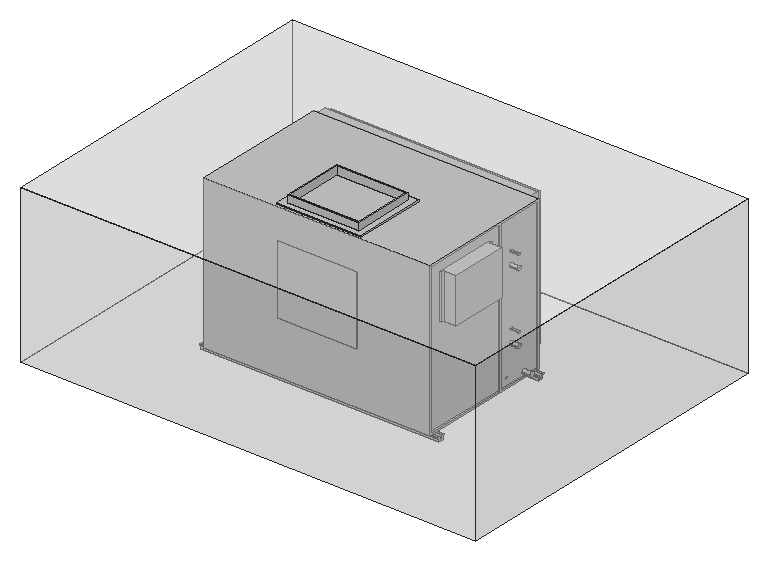
Revit family "outputfile", category 機械設備, Revit 2024
Family settings
  丸型コネクタ寸法 = 半径を使用
  パーツ タイプ = 標準
  OmniClass 番号 = 23.75.10.24.21.27.27
  OmniClass タイトル = Split System Air Conditioning Units
  作業面ベース = いいえ
  常に垂直 = はい
  ロード時にボイドで切り取り = いいえ
  注釈の向きを維持 = いいえ
  共有 = いいえ
  部屋計算ポイント = はい
Parameters (values of type "2FGN250HYL")
  Description = ""
  書き出し IFC クラス(タイプ) = "IfcUnitaryEquipmentType"
  定義済み IFC タイプ(タイプ) = "AIRCONDITIONINGUNIT"
  Cost = 0
  Type Comments = ""
  Keynote = ""
  Type Image = (empty or 0)
  Assembly Code = ""
  switch_frequency = yes
  lw_power = 930 mm
  lw_box = 97 mm
  lw_RA = 853 mm
  lh_liquidpipe_2 = 974 mm
  lh_height_SA = 482 mm
  lh_ld_mountinghole_height = 35 mm
  lh_height_RA = 1073 mm
  lh_hangerfixture = 35 mm
  lh_gaspipe_2 = 874 mm
  lh_box_top = 95 mm
  lh_box = 351 mm
  lh_SA = 1291 mm
  lh_RA = 659.5 mm
  ld_depth_SA = 301 mm
  ld_depth_RA = 130 mm
  ld_box_left = 115 mm
  ld_box = 490 mm
  connector_voltage = Voltage_60Hz  # 380 V
  connector_powerinput = [Power Input (Cooling)]  # 25.710 kW
  connector_phase = Phase_60Hz  # 3
  製造元 = "Daikin"
  モデル = "2FGN250HYL"
  w_pipe = 33 mm
  r_Liquid Pipe Size = Liquid Pipe Size / 2  # 6.35 mm
  r_Gas Pipe Size = Gas Pipe Size / 2  # 14.3 mm
  r_Drain Pipe Size = Drain Pipe Size / 2  # 17.0 mm
  lw_powersupply = lw_power  # 930 mm
  lw_width_RA = 1636 mm
  lw_width_SA = 560 mm
  lh_suctionflange [instance] = 100 mm
  ld_suctionflange [instance] = 190 mm
  ld_powersupply = 0 mm
  angle_vertical_RA [instance] = 90.00°
  angle horizontal_RA [instance] = 180.00°
  Voltage_comment_60Hz = "380"
  Voltage_60Hz = 380 V
  URL = ""
  Sound Power Level_H speed (dB) = 0
  Phase_60Hz = 3
  Minimum External Static Pressure = 0.00 Pa
  Minimum Circuit Amps_60Hz = 0.0 A
  Maximum Fuse Amps_60Hz = 0.0 A
  Maximum External Static Pressure = 200.00 Pa
  Material_Casing = DAIKIN_GalvanizedSteel_Casing_indoorunit
  lw_liquidpipe = 933 mm
  lw_gaspipe = 933 mm
  lw_mountinghole_pitch = 1826 mm
  lw_mountinghole = 1866 mm
  lw_drainpipe = 933 mm
  lh_powersupply = 785 mm
  lh_liquidpipe = 428 mm
  lh_gaspipe = 328 mm
  lh_mountinghole = 5 mm
  lh_drainpipe = 73 mm
  lh_antena = 1227 mm
  ld_liquidpipe = 280.5 mm
  ld_gaspipe = 280.5 mm
  ld_mountinghole_pitch = 974 mm
  ld_drainpipe = 405.5 mm
  ld_controlbox = 626 mm
  h*** = 0 mm  # constant formula
  d_dischargeflange = 60 mm
  Width = 1766 mm
  Version = "ver.1.0"
  Unit Type = "Duct"
  Unit Mass Weight = 323.00 kg
  Unit Designation [instance] = ""
  Uniclass2015Version = "Products v1.30"
  Uniclass2015Title = "Split coil room air conditioning units"
  Uniclass2015Code = "Pr_70_65_03_86"
  Total Cooling Capacity [instance] = 0.000 kW
  Sound Pressure Level_M speed (dBA) = 0
  Sound Pressure Level_L speed (dBA) = 0
  Sound Pressure Level_H speed (dBA) = 63
  Series = "Package Aircon_Fan Coil Unit"
  Sensible Cooling Capacity [instance] = 0.000 kW
  SA Duct Size Width = 560 mm
  SA Duct Size Height = 482 mm
  Refrigerant Type = "R410A"
  RA Duct Size Width = 1636 mm
  RA Duct Size Height = 1073 mm
  Power Input (Cooling) = 25.710 kW
  Option Accessory 3 [instance] = ""
  Option Accessory 2 [instance] = ""
  Option Accessory 1 [instance] = ""
  Nominal Cooling Capacity = 70.926 kW
  Minimum Airflow = 0.00 m³/h
  Median Airflow = 0.00 m³/h
  Maximum Airflow = 12743.00 m³/h
  Load Classification = HVAC
  Liquid Pipe Size = 12.7 mm
  Link_Nested Family [instance] = ""
  IfcVersion = ""
  IfcExportType = "AIRCONDITIONINGUNIT"
  IfcExportAs = "IfcUnitaryEquipmentType"
  Height = 1231 mm
  Heat Exchanger Type = "Cross Fin Coil"
  Gas Pipe Size = 28.6 mm
  Frequency_60Hz = 60 Hz
  Fan Type = "Sirocco Fan"
  Fan Drive = "-"
  FCU Tag No. [instance] = ""
  Drain Pipe Size = 34.0 mm
  Design Supply Airflow [instance] = 0.00 m³/h
  Design Return Airflow [instance] = 0.00 m³/h
  Design External Static Pressure [instance] = 0.00 Pa
  Depth = 1069 mm
  既定の高さ = 0 mm
  Cooling Entering Wet Bulb Temperature [instance] = 0.00 °C
  Cooling Entering Dry Bulb Temperature [instance] = 0.00 °C
  Cooling Ambient Wet Bulb Temperature [instance] = 0.00 °C
  Cooling Ambient Dry Bulb Temperature [instance] = 0.00 °C
  Clearance visibility [instance] = yes
  Clearance Top = 0 mm
  Clearance Right = 1000 mm
  Clearance Rear = 800 mm
  Clearance Left = 800 mm
  Clearance Front = 800 mm
  Clearance Bottom = 0 mm
Reference planes
  plane 1 "Center (Front/Back)": y = 0
  plane 2: z = 0
  plane 3 "Center (Left/Right)": x = 0
  plane 4 "Back": y = 534.5
  plane 5 "Front": y = -534.5
  plane 6 "Left": x = -883
  plane 7 "Right": x = 883
  plane 8 "Top": z = 0
  plane 9 "Bottom": z = -1231
  plane 10: z = -803
  plane 11: z = -903
  plane 12: x = -913
  plane 13: x = 913
  plane 14: x = 933
  plane 15: x = 933
  plane 16: z = -1226
  plane 17 "Clearance Left": x = -1683
  plane 18 "Clearance Right": x = 1883
  plane 19 "Clearance Rear": y = 1334.5
  plane 20 "Clearance Front": y = -1334.5
  plane 21 "Clearance Bottom": z = -1231
  plane 22: z = -1158
  plane 23 "ld_gas": y = 280.5
  plane 24: y = 280.5
  plane 25: y = -30
  plane 26: y = 405.5
  plane 27: y = 344.5
  plane 28: x = 933
  plane 29: y = 487
  plane 30: y = -487
  plane 31: y = -233.5
  plane 32: y = 664.5
  plane 33 "Clearance Top": z = 0
  plane 34: z = -446
  plane 35: y = 0
  plane 36 "hangerfixture": z = -1196
  plane 37 "lh_SA": z = 60
  plane 38 "lh_RA": z = -571.5
  plane 39 "RA_center": x = -30
  plane 40: y = -524.5
  plane 41: y = 155.5
  plane 42: y = 524.5
  plane 43: z = -10
  plane 44: z = -1186
  plane 45: y = 165.5
  plane 46: y = -524.5
  plane 47: y = 155.5
  plane 48: y = 524.5
  plane 49: z = -10
  plane 50: z = -1186
  plane 51: y = 165.5
  plane 52: x = 883
  plane 53: x = 980
  plane 54: y = -419.5
  plane 55: y = -399.5
  plane 56: y = 50.5
  plane 57: y = 70.5
  plane 58 "box_bottom": z = -446
  plane 59 "box_top": z = -95
  plane 60: x = -310
  plane 61: x = 310
  plane 62: y = -534.5
  plane 63: y = -524.5
  plane 64 "lw_power": x = 930
  plane 65: z = -257
  plane 66: z = -357
Forms (mm)
  Extrusion 1, solid, material "DAIKIN_GalvanizedSteel_Casing_indoorunit" <- "Material_Casing"
    sketch origin (0, -0.8, 0) x (1, 0, 0) y (0, 1, 0)
      loop
        line (-883, -533.7) -> (883, -533.7) -> (883, 535.3) -> (-883, 535.3) -> (-883, -533.7)
    from -1196 to 0
  Revolve 2, solid, material "DAIKIN_GalvanizedSteel_Casing_indoorunit" <- "Material_Casing"
    sketch origin (0, 0, -903) x (0, -1, 0) y (1, 0, 0)
      loop
        line (-266.2, 863) -> (-266.2, 933) -> (-280.5, 933) -> (-280.5, 863) -> (-266.2, 863)
      axis (-280.5, 863) -> (-280.5, 933)
    angle from 0 to 360
  Revolve 3, solid, material "DAIKIN_GalvanizedSteel_Casing_indoorunit" <- "Material_Casing"
    sketch origin (0, 0, -803) x (0, -1, 0) y (1, 0, 0)
      loop
        line (-280.5, 863) -> (-280.5, 933) -> (-286.85, 933) -> (-286.85, 863) -> (-280.5, 863)
      axis (-280.5, 933) -> (-280.5, 863)
    angle from 0 to 360
  Extrusion 4, solid, material "DAIKIN_GalvanizedSteel_Casing_indoorunit" <- "Material_Casing"
    sketch origin (0, 0, 0) x (0, 1, 0) y (0, 0, 1)
      loop
        circle (405.5, -1158) r 17
    from 933 to 863
  Extrusion 5, void
    sketch origin (883, 0, 0) x (0, 1, 0) y (0, 0, 1)
      loop
        line (-524.5, -10) -> (-524.5, -1186) -> (155.5, -1186) -> (155.5, -10) -> (-524.5, -10)
      loop
        line (524.5, -10) -> (165.5, -10) -> (165.5, -1186) -> (524.5, -1186) -> (524.5, -10)
    from 0 to -20
  Extrusion 6, void
    sketch origin (-883, 0, 0) x (0, 1, 0) y (0, 0, 1)
      loop
        line (-524.5, -10) -> (-524.5, -1186) -> (155.5, -1186) -> (155.5, -10) -> (-524.5, -10)
      loop
        line (524.5, -10) -> (165.5, -10) -> (165.5, -1186) -> (524.5, -1186) -> (524.5, -10)
    from 0 to 20
  Extrusion 7, solid, material "DAIKIN_GalvanizedSteel_Casing_indoorunit" <- "Material_Casing"
    sketch origin (0, 0, 0) x (1, 0, 0) y (0, 1, 0)
      loop
        line (863, -419.5) -> (883, -419.5) -> (883, -399.5) -> (980, -399.5) -> (980, 50.5) -> (883, 50.5) -> (883, 70.5) -> (863, 70.5) -> (863, -419.5)
    from -446 to -95
  Extrusion 8, solid, material "DAIKIN_GalvanizedSteel_Casing_indoorunit" <- "Material_Casing"
    sketch origin (0, 0, -1231) x (-1, 0, 0) y (0, -1, 0)
      loop
        line (310, 524.5) -> (310, 534.5) -> (-310, 534.5) -> (-310, 524.5) -> (310, 524.5)
    from 444 to 986
  Revolve 9, solid, material "DAIKIN_GalvanizedSteel_Casing_indoorunit" <- "Material_Casing"
    sketch origin (0, 0, -357) x (0, -1, 0) y (1, 0, 0)
      loop
        line (-266.2, 863) -> (-266.2, 933) -> (-280.5, 933) -> (-280.5, 863) -> (-266.2, 863)
      axis (-280.5, 863) -> (-280.5, 933)
    angle from 0 to 360
  Revolve 10, solid, material "DAIKIN_GalvanizedSteel_Casing_indoorunit" <- "Material_Casing"
    sketch origin (0, 0, -257) x (0, -1, 0) y (1, 0, 0)
      loop
        line (-280.5, 863) -> (-280.5, 933) -> (-286.85, 933) -> (-286.85, 863) -> (-280.5, 863)
      axis (-280.5, 933) -> (-280.5, 863)
    angle from 0 to 360
  Extrusion 11, void
    sketch origin (883, 0, 0) x (0, 1, 0) y (0, 0, 1)
      loop
        circle (240, -1132) r 13.5
    from -21 to 0
Cuts and joins
  Extrusion 5, Extrusion 6, Extrusion 11 cuts Extrusion 1
  Extrusion 6 cuts Revolve 2
  Extrusion 6 cuts Revolve 3
  Extrusion 6 cuts Extrusion 4
Dimensions and locks
  equal spacing: plane 12, plane 3 "Center (Left/Right)", plane 13
  "lw_mountinghole_pitch": plane 12 to plane 13
  "lh_liquidpipe": plane 10 to plane 9 "Bottom"
  "lh_gaspipe": plane 11 to plane 9 "Bottom"
  equal spacing: plane 6 "Left", plane 3 "Center (Left/Right)", plane 7 "Right"
  "Width": plane 6 "Left" to plane 7 "Right"
  "Clearance Right": plane 7 "Right" to plane 18 "Clearance Right"
  "Clearance Left": plane 17 "Clearance Left" to plane 6 "Left"
  "Clearance Rear": plane 19 "Clearance Rear" to plane 4 "Back"
  "Clearance Front": plane 5 "Front" to plane 20 "Clearance Front"
  "Depth": plane 4 "Back" to plane 5 "Front"
  equal spacing: plane 4 "Back", plane 1 "Center (Front/Back)", plane 5 "Front"
  "ld_suctionflange": plane 4 "Back" to plane 27
  "r_Liquid Pipe Size": nested 5 to Revolve 3 sketch curve
  equal spacing: plane 29, plane 1 "Center (Front/Back)", plane 30
  "ld_mountinghole_pitch": plane 29 to plane 30
  "lw_liquidpipe": plane 3 "Center (Left/Right)" to plane 14
  "lw_gaspipe": plane 3 "Center (Left/Right)" to plane 15
  "lw_drainpipe": plane 3 "Center (Left/Right)" to plane 28
  "lh_drainpipe": plane 22 to plane 9 "Bottom"
  "Clearance Top": plane 33 "Clearance Top" to plane 8 "Top"
  "Clearance Bottom": plane 9 "Bottom" to plane 21 "Clearance Bottom"
  "lh_powersupply": plane 34 to plane 9 "Bottom"
  plane 8 "Top" to level = 0 mm
  "lh_hangerfixture": plane 36 "hangerfixture" to plane 9 "Bottom"
  "lh_SA": plane 37 "lh_SA" to plane 9 "Bottom"
  "ld_depth_RA": plane 32 to plane 4 "Back"
  "lh_RA": plane 38 "lh_RA" to plane 9 "Bottom"
  "lw_RA": plane 6 "Left" to plane 39 "RA_center"
  locked: plane 36 "hangerfixture" to plane 44 at 10
  plane 5 "Front" to plane 40 = 10 mm
  locked: plane 8 "Top" to plane 43 at 10
  plane 42 to plane 4 "Back" = 10 mm
  plane 40 to plane 41 = 680 mm
  locked: plane 45 to plane 42 at 359
  locked: plane 46 to plane 47 at 680
  locked: plane 51 to plane 48 at 359
  plane 5 "Front" to plane 46 = 10 mm
  plane 48 to plane 4 "Back" = 10 mm
  locked: plane 8 "Top" to plane 49 at 10
  locked: plane 50 to plane 36 "hangerfixture" at 10
  "ld_box_left": plane 54 to plane 5 "Front"
  "ld_box": plane 57 to plane 54
  locked: plane 55 to plane 54 at 20
  locked: plane 57 to plane 56 at 20
  cut or joined group of Extrusion 1, Extrusion 5, Extrusion 6, Extrusion 11 to plane 52 = 20 mm
  "lw_box": plane 7 "Right" to plane 53
  "lh_box_top": plane 8 "Top" to plane 59 "box_top"
  "lh_box": plane 59 "box_top" to plane 58 "box_bottom"
  plane 60 to plane 3 "Center (Left/Right)" to plane 61 = 310 mm locked, 310 mm locked
  "lw_power": plane 3 "Center (Left/Right)" to plane 64 "lw_power"
  "lh_gaspipe_2": plane 66 to plane 9 "Bottom"
  "lh_liquidpipe_2": plane 65 to plane 9 "Bottom"
  "ld_powersupply": plane 35 to plane 1 "Center (Front/Back)"
  "ld_drainpipe": plane 26 to plane 1 "Center (Front/Back)"
  "ld_gaspipe": plane 23 "ld_gas" to plane 1 "Center (Front/Back)"
  "r_Gas Pipe Size": plane 23 "ld_gas" to Revolve 9 sketch curve
  "r_Gas Pipe Size": plane 23 "ld_gas" to Revolve 2 sketch curve
  "r_Liquid Pipe Size": Revolve 10 sketch curve to plane 24
  "ld_liquidpipe": plane 24 to plane 1 "Center (Front/Back)"
  "ld_depth_SA": plane 31 to plane 5 "Front"
  locked: plane 62 to plane 5 "Front"
  locked: plane 63 to plane 62 at 10
  plane 1 "Center (Front/Back)" to Extrusion 11 sketch curve = 240 mm
  Extrusion 11 sketch curve to plane 9 "Bottom" = 99 mm
  "Height": plane 8 "Top" to plane 9 "Bottom"
  "lh_mountinghole": plane 16 to plane 9 "Bottom"
  "r_Drain Pipe Size": radius of Extrusion 4 sketch curve
  diameter of Extrusion 11 sketch curve = 27 mm
  aligned and locked: level to plane 2
  aligned and locked: plane 8 "Top" to Extrusion 1
  aligned and locked: Revolve 2 sketch curve to Revolve 2 sketch curve
  aligned and locked: plane 14 to nested 5
  aligned and locked: nested 5 to plane 10
  aligned and locked: plane 13 to nested 2
  aligned and locked: plane 12 to nested 3
  aligned and locked: plane 12 to nested 4
  aligned and locked: nested 6 to plane 11
  aligned and locked: plane 23 "ld_gas" to nested 6
  aligned and locked: plane 24 to nested 5
  aligned and locked: Extrusion 4 sketch curve to plane 26
  aligned and locked: nested 10 to plane 19 "Clearance Rear"
  aligned and locked: nested 10 to plane 18 "Clearance Right"
  aligned and locked: nested 10 to plane 17 "Clearance Left"
  aligned and locked: nested 10 to plane 20 "Clearance Front"
  aligned and locked: plane 28 to Extrusion 4
  aligned and locked: plane 15 to nested 6  (x2)
  aligned and locked: plane 13 to nested 1
  aligned and locked: plane 26 to nested 7
  aligned and locked: nested 7 to plane 22
  aligned and locked: nested 7 to plane 28
  aligned and locked: plane 29 to nested 1
  aligned and locked: plane 30 to nested 2
  aligned and locked: nested 4 to plane 29
  aligned and locked: nested 3 to plane 30
  aligned and locked: nested 9 to plane 4 "Back"
  aligned and locked: plane 32 to nested 13
  aligned and locked: plane 3 "Center (Left/Right)" to nested 12
  aligned and locked: nested 10 to plane 33 "Clearance Top"
  aligned and locked: nested 10 to plane 21 "Clearance Bottom"
  aligned and locked: nested 11 to plane 9 "Bottom"
  aligned and locked: plane 36 "hangerfixture" to Extrusion 1
  aligned and locked: Extrusion 1 to plane 5 "Front"
  aligned and locked: Extrusion 1 to plane 4 "Back"
  aligned and locked: plane 38 "lh_RA" to nested 9
  aligned and locked: nested 13 to plane 38 "lh_RA"
  aligned and locked: plane 39 "RA_center" to nested 9
  aligned and locked: nested 13 to plane 39 "RA_center"
  aligned and locked: Extrusion 5 sketch curve to plane 43
  aligned and locked: Extrusion 5 sketch curve to plane 40
  aligned and locked: plane 44 to Extrusion 5 sketch curve
  aligned and locked: Extrusion 5 sketch curve to plane 41
  aligned and locked: plane 43 to Extrusion 5 sketch curve
  aligned and locked: Extrusion 5 sketch curve to plane 42
  aligned and locked: Extrusion 5 sketch curve to plane 44
  aligned and locked: Extrusion 5 sketch curve to plane 45
  aligned and locked: Extrusion 6 sketch curve to plane 49
  aligned and locked: Extrusion 6 sketch curve to plane 46
  aligned and locked: plane 50 to Extrusion 6 sketch curve
  aligned and locked: Extrusion 6 sketch curve to plane 47
  aligned and locked: plane 49 to Extrusion 6 sketch curve
  aligned and locked: Extrusion 6 sketch curve to plane 48
  aligned and locked: Extrusion 6 sketch curve to plane 50
  aligned and locked: Extrusion 6 sketch curve to plane 51
  aligned and locked: cut or joined group of Extrusion 1, Extrusion 5, Extrusion 6, Extrusion 11 to Extrusion 7 sketch curve
  aligned and locked: plane 57 to Extrusion 7 sketch curve
  aligned and locked: plane 53 to Extrusion 7 sketch curve
  aligned and locked: Extrusion 7 sketch curve to plane 54
  aligned and locked: plane 59 "box_top" to Extrusion 7
  aligned and locked: Extrusion 7 to plane 58 "box_bottom"
  aligned and locked: Extrusion 8 sketch curve to plane 63
  aligned and locked: Extrusion 8 sketch curve to plane 60
  aligned and locked: plane 62 to Extrusion 8 sketch curve
  aligned and locked: plane 61 to Extrusion 8 sketch curve
  aligned and locked: Revolve 9 sketch curve to Revolve 9 sketch curve
  aligned and locked: nested 15 to plane 65
  aligned and locked: nested 16 to plane 66
  aligned and locked: Revolve 10 to plane 14
  aligned and locked: plane 14 to nested 15
  aligned and locked: plane 15 to cut or joined group of Revolve 2, Extrusion 6  (x3)
  aligned and locked: cut or joined group of Revolve 2, Extrusion 6 to plane 15
  aligned and locked: nested 14 to plane 35
  aligned and locked: Revolve 2 sketch curve to plane 23 "ld_gas"
  aligned and locked: plane 23 "ld_gas" to nested 16
  aligned and locked: plane 24 to nested 15
  aligned and locked: plane 37 "lh_SA" to nested 12
  aligned and locked: plane 37 "lh_SA" to nested 8
  aligned and locked: plane 31 to nested 12
  aligned and locked: plane 31 to nested 8
  aligned and locked: cut or joined group of Extrusion 1, Extrusion 5, Extrusion 6, Extrusion 11 to cut or joined group of Extrusion 4, Extrusion 6
  aligned and locked: cut or joined group of Extrusion 1, Extrusion 5, Extrusion 6, Extrusion 11 to Revolve 10
  aligned and locked: Revolve 9 to cut or joined group of Extrusion 1, Extrusion 5, Extrusion 6, Extrusion 11
  aligned and locked: cut or joined group of Extrusion 1, Extrusion 5, Extrusion 6, Extrusion 11 to cut or joined group of Revolve 3, Extrusion 6
  aligned and locked: cut or joined group of Revolve 2, Extrusion 6 to cut or joined group of Extrusion 1, Extrusion 5, Extrusion 6, Extrusion 11
  aligned and locked: plane 52 to Extrusion 7 sketch curve
  aligned and locked: Extrusion 7 sketch curve to plane 55
  aligned and locked: Extrusion 7 sketch curve to plane 56
  aligned and locked: Extrusion 7 sketch curve to plane 52
  aligned and locked: nested 14 to plane 64 "lw_power"
  aligned and locked: nested 14 to plane 34
Automatic sketch dimensions
  Extrusion 1 sketch curve to plane 4 "Back" = 0 mm
  Extrusion 1 sketch curve to plane 6 "Left" = 0 mm
  Extrusion 1 sketch curve to plane 5 "Front" = 0 mm
  Extrusion 1 sketch curve to plane 7 "Right" = 0 mm
  Revolve 3 sketch curve to plane 23 "ld_gas" = 0 mm  (x2)
  Revolve 3 sketch curve to plane 14 = 0 mm  (x2)
  Revolve 3 sketch curve to plane 7 "Right" = 20 mm
  plane 7 "Right" to Revolve 3 sketch curve = 15 mm
  Extrusion 4 sketch curve to plane 22 = 0 mm
  Revolve 10 sketch curve to plane 23 "ld_gas" = 0 mm  (x2)
  Revolve 10 sketch curve to plane 14 = 0 mm  (x2)
  Revolve 10 sketch curve to plane 7 "Right" = 20 mm
  plane 7 "Right" to Revolve 10 sketch curve = 15 mm
  Revolve 2 sketch curve to plane 14 = 0 mm
  Revolve 2 sketch curve to plane 7 "Right" = 20 mm
  plane 7 "Right" to Revolve 2 sketch curve = 2.003 mm
  plane 14 to Revolve 2 sketch curve = 1.003 mm
  Revolve 9 sketch curve to plane 23 "ld_gas" = 0 mm
  Revolve 9 sketch curve to plane 14 = 0 mm
  Revolve 9 sketch curve to plane 7 "Right" = 20 mm
  plane 7 "Right" to Revolve 9 sketch curve = 2.003 mm
  plane 14 to Revolve 9 sketch curve = 1.003 mm
Nested families
  nested 1: "daikin_mountinghole" at (913, 487, -1231), Link_Nested Family <- "Link_Nested Family", h_mountinghole <- "lh_mountinghole", l_antenna <- "lh_antena", type "daikin_mountinghole"
    with show yes, l_antenna 1227 mm, h_mountinghole 5 mm, Link_Nested Family "", d_circle 23 mm
  nested 2: "daikin_mountinghole" at (913, -487, -1231), Link_Nested Family <- "Link_Nested Family", h_mountinghole <- "lh_mountinghole", l_antenna <- "lh_antena", type "daikin_mountinghole"
    with show yes, l_antenna 1227 mm, h_mountinghole 5 mm, Link_Nested Family "", d_circle 23 mm
  nested 3: "daikin_mountinghole" at (-913, -487, -1231), Link_Nested Family <- "Link_Nested Family", h_mountinghole <- "lh_mountinghole", l_antenna <- "lh_antena", type "daikin_mountinghole"
    with show yes, l_antenna 1227 mm, h_mountinghole 5 mm, Link_Nested Family "", d_circle 23 mm
  nested 4: "daikin_mountinghole" at (-913, 487, -1231), Link_Nested Family <- "Link_Nested Family", h_mountinghole <- "lh_mountinghole", l_antenna <- "lh_antena", type "daikin_mountinghole"
    with show yes, l_antenna 1227 mm, h_mountinghole 5 mm, Link_Nested Family "", d_circle 23 mm
  nested 5: "daikin_connector_rotate2" at (0, 280.5, -803) x (0, 1, 0) z (0, 0, 1), length <- "lw_liquidpipe", built-in parameter 1001364 <- "lh_liquidpipe", radius <- "r_Liquid Pipe Size", type "daikin_connector_rotate2"
    with radius 6.35 mm, length 933 mm, angle_vertical 90.00°
  nested 6: "daikin_connector_rotate2" at (0, 280.5, -903) x (0, 1, 0) z (0, 0, 1), length <- "lw_gaspipe", built-in parameter 1001364 <- "lh_gaspipe", radius <- "r_Gas Pipe Size", type "daikin_connector_rotate2"
    with radius 14.3 mm, length 933 mm, angle_vertical 90.00°
  nested 7: "daikin_connector_rotate2" at (0, 405.5, -1158) x (0, 1, 0) z (0, 0, 1), built-in parameter 1001364 <- "lh_drainpipe", length <- "lw_drainpipe", radius <- "r_Drain Pipe Size", type "daikin_connector_rotate2"
    with radius 17 mm, length 933 mm, angle_vertical 90.00°
  nested 8: "daikin_connector_rotate2" at (0, -233.5, 0) x (1, 0, 0) z (0, 1, 0), length <- "d_dischargeflange", type "daikin_connector_rotate2"
    with radius 10 mm, length 60 mm, angle_vertical 90.00°
  nested 9: "daikin_ductflange_2FGN-HYL" at (-30, 534.5, -571.5), material <- "Material_Casing", width <- "lw_width_RA", height <- "lh_height_RA", depth <- "ld_depth_RA", type "daikin_ductflange_2FGN-HYL"
    with width 1636 mm, material DAIKIN_GalvanizedSteel_Casing_indoorunit, height 1073 mm, depth 130 mm
  nested 10: "daikin_clearancespace" at (100, 0, -615.381), visible <- "Clearance visibility", show <- "Clearance visibility", Link_Nested Family <- "Link_Nested Family", type "daikin_clearancespace"
    with width 3566 mm, show yes, height 1231 mm, depth 2669 mm, Link_Nested Family ""
  nested 11: "daikin_hangerfixture_2FGN-HYL" at (0, 0, -1231), type "daikin_hangerfixture_2FGN-HYL"
  nested 12: "daikin_ductflange_2FGN-HYL_1" at (0, -422.901, 0) x (1, 0, 0) z (0, 1, 0), width <- "lw_width_SA", material <- "Material_Casing", height <- "lh_height_SA", depth <- "d_dischargeflange", type "daikin_ductflange_2FGN-HYL_1"
    with width 560 mm, t 10 mm, material DAIKIN_GalvanizedSteel_Casing_indoorunit, height 482 mm, depth 60 mm
  nested 13: "daikin_connector_rotate2" at (-30, 534.5, -571.5) x (-1, 0, 0) z (0, 0, 1), length <- "ld_depth_RA", type "daikin_connector_rotate2"
    with radius 10 mm, length 130 mm, angle_vertical 90.00°
  nested 14: "daikin_connector_rotate2" at (930, 0, -95) x (0, 1, 0) z (1, 0, 0), length <- "lh_box", type "daikin_connector_rotate2"
    with radius 10 mm, length 351 mm, angle_vertical 90.00°
  nested 15: "daikin_connector_rotate2" at (0, 280.5, -257) x (0, 1, 0) z (0, 0, 1), length <- "lw_liquidpipe", built-in parameter 1001364 <- "lh_liquidpipe", radius <- "r_Liquid Pipe Size", type "daikin_connector_rotate2"
    with radius 6.35 mm, length 933 mm, angle_vertical 90.00°
  nested 16: "daikin_connector_rotate2" at (0, 280.5, -357) x (0, 1, 0) z (0, 0, 1), length <- "lw_gaspipe", built-in parameter 1001364 <- "lh_gaspipe", radius <- "r_Gas Pipe Size", type "daikin_connector_rotate2"
    with radius 14.3 mm, length 933 mm, angle_vertical 90.00°
Connectors
  piping at (933, 280.5, -903), diameter 28.6, driven by "r_Gas Pipe Size"
    settings: on nested 6, index 1, connector inside diameter 609.6 mm, connector length 0 mm, flow factor 0, pipe flow 0.00 m³/h, pressure drop 0.0 Pa, fitting loss kfactor 0, connector angle 0.00°, fixture units 0, engagement length 0 mm, angle of deflection 0.00°, flow configuration 1, flow direction 2, fitting loss method 0, system type 29, joint type 0, gender type 0, connector reference index -1, connector utility 0, adjustable connector no, is connector primary yes, connector description "Refrigerant Gas Piping"
  piping at (933, 280.5, -803), diameter 12.7, driven by "r_Liquid Pipe Size"
    settings: on nested 5, index 2, connector inside diameter 609.6 mm, connector length 0 mm, flow factor 0, pipe flow 0.00 m³/h, pressure drop 0.0 Pa, fitting loss kfactor 0, connector angle 0.00°, fixture units 0, engagement length 0 mm, angle of deflection 0.00°, flow configuration 1, flow direction 1, fitting loss method 0, system type 29, joint type 0, gender type 0, connector reference index -1, connector utility 0, adjustable connector no, is connector primary no, connector description "Refrigerant Liquid Piping"
  piping at (933, 405.5, -1158), diameter 34, driven by "r_Drain Pipe Size"
    settings: on nested 7, index 3, connector inside diameter 609.6 mm, connector length 0 mm, flow factor 0, pipe flow 0.00 m³/h, pressure drop 0.0 Pa, fitting loss kfactor 0, connector angle 0.00°, fixture units 0, engagement length 0 mm, angle of deflection 0.00°, flow configuration 1, flow direction 2, fitting loss method 4, system type 16, joint type 0, gender type 0, connector reference index -1, connector utility 0, adjustable connector no, is connector primary no, connector description "Condensate Drain Piping"
  hvac at (0, -233.5, 60), driven by "SA Duct Size Height", driven by "SA Duct Size Width"
    settings: on nested 8, index 7, duct flow 0.00 m³/h, flow factor 0, pres drop 0.00 Pa, loss coef 0, conn angle 0.00°, conn width 560.0 mm, conn height 482.0 mm, conn diameter 609.6 mm, duct sys type 1, conn prof type 1, flow config 0, flow direction 2, loss method 4, conn ref index -1, conn util no, is conn primary yes, conn desc "SA Duct"
  hvac at (-30, 664.5, -571.5), driven by "RA Duct Size Width", driven by "RA Duct Size Height"
    settings: on nested 13, index 8, duct flow 0.00 m³/h, flow factor 0, pres drop 0.00 Pa, loss coef 0, conn angle 0.00°, conn width 1636.0 mm, conn height 1073.0 mm, conn diameter 609.6 mm, duct sys type 2, conn prof type 1, flow config 0, flow direction 1, loss method 4, conn ref index -1, conn util no, is conn primary no, conn desc "RA Duct"
  electrical at (930, 0, -446), driven by "Load Classification", driven by "connector_phase", driven by "connector_powerinput", driven by "connector_voltage"
    settings: on nested 14, index 9, voltage 380 V, apparent load 25710 VA, apparent load phase1 0 VA, apparent load phase2 0 VA, apparent load phase3 0 VA, power factor 1, load classification "HVAC", number of poles 3, system type 30, power factor state 1, is connector primary yes, connector utility no, sub classification motor no, connector description "Power Supply"
  piping at (933, 280.5, -357), diameter 28.6, driven by "r_Gas Pipe Size"
    settings: on nested 16, index 10, connector inside diameter 609.6 mm, connector length 0 mm, flow factor 0, pipe flow 0.00 m³/h, pressure drop 0.0 Pa, fitting loss kfactor 0, connector angle 0.00°, fixture units 0, engagement length 0 mm, angle of deflection 0.00°, flow configuration 1, flow direction 2, fitting loss method 0, system type 29, joint type 0, gender type 0, connector reference index -1, connector utility 0, adjustable connector no, is connector primary no, connector description "Refrigerant Gas Piping"
  piping at (933, 280.5, -257), diameter 12.7, driven by "r_Liquid Pipe Size"
    settings: on nested 15, index 11, connector inside diameter 609.6 mm, connector length 0 mm, flow factor 0, pipe flow 0.00 m³/h, pressure drop 0.0 Pa, fitting loss kfactor 0, connector angle 0.00°, fixture units 0, engagement length 0 mm, angle of deflection 0.00°, flow configuration 1, flow direction 1, fitting loss method 0, system type 29, joint type 0, gender type 0, connector reference index -1, connector utility 0, adjustable connector no, is connector primary no, connector description "Refrigerant Liquid Piping"
Definition of nested family "daikin_ductflange_2FGN-HYL"
  Parameters (values of type "daikin_ductflange_2FDN200HTL")
    width [instance] = 1636 mm
    material [instance] = none
    height [instance] = 747 mm
    depth [instance] = 130 mm
    Default Elevation = 0 mm
  Reference planes
    plane 1 "Center (Front/Back)": y = 0
    plane 2: z = 0
    plane 3 "Center (Left/Right)": x = 0
    plane 4: x = -818
    plane 5: x = 818
    plane 6: z = 373.5
    plane 7: z = -373.5
    plane 8: y = 90
    plane 9: y = 130
    plane 10: x = -813
    plane 11: x = 813
    plane 12: z = -368.5
    plane 13: z = 368.5
    plane 14: x = -833
    plane 15: x = 833
    plane 16: z = 393.5
    plane 17: z = -373.5
  Forms (mm)
    Extrusion 1, solid, material <- "material"
      sketch origin (0, 0, 0) x (1, 0, 0) y (0, 0, 1)
        loop
          line (-833, 393.5) -> (-833, -373.5) -> (833, -373.5) -> (833, 393.5) -> (-833, 393.5)
        loop
          line (-813, 368.5) -> (-813, -368.5) -> (813, -368.5) -> (813, 368.5) -> (-813, 368.5)
      from 0 to -90
    Extrusion 2, solid, material <- "material"
      sketch origin (0, 0, 0) x (1, 0, 0) y (0, 0, 1)
        loop
          line (-818, 373.5) -> (-818, -373.5) -> (818, -373.5) -> (818, 373.5) -> (-818, 373.5)
        loop
          line (813, 368.5) -> (-813, 368.5) -> (-813, -368.5) -> (813, -368.5) -> (813, 368.5)
      from -130 to -90
  Cuts and joins
    joined: Extrusion 1, Extrusion 2
  Dimensions and locks
    equal spacing: plane 5, plane 3 "Center (Left/Right)", plane 4
    "width": plane 5 to plane 4
    equal spacing: plane 6, level, plane 7
    "height": plane 6 to plane 7
    locked: plane 1 "Center (Front/Back)" to plane 8 at 90
    "depth": plane 1 "Center (Front/Back)" to plane 9
    plane 6 to plane 13 = 5 mm
    plane 12 to plane 7 = 5 mm
    plane 5 to plane 11 = 5 mm
    plane 10 to plane 4 = 5 mm
    plane 4 to plane 14 = 15 mm
    plane 15 to plane 5 = 15 mm
    locked: plane 16 to plane 6 at 20
    locked: plane 7 to plane 17
    aligned and locked: level to plane 2
    aligned and locked: Extrusion 1 to plane 8
    aligned and locked: plane 1 "Center (Front/Back)" to Extrusion 1
    aligned and locked: Extrusion 2 to plane 9
    aligned and locked: Extrusion 2 to Extrusion 1
    aligned and locked: plane 13 to Extrusion 2 sketch curve
    aligned and locked: plane 11 to Extrusion 2 sketch curve
    aligned and locked: Extrusion 2 sketch curve to plane 12
    aligned and locked: Extrusion 2 sketch curve to plane 10
    aligned and locked: Extrusion 1 sketch curve to plane 16
    aligned and locked: plane 14 to Extrusion 1 sketch curve
    aligned and locked: plane 17 to Extrusion 1 sketch curve
    aligned and locked: Extrusion 1 sketch curve to plane 15
  Automatic sketch dimensions
    Extrusion 2 sketch curve to plane 4 = 0 mm
    Extrusion 2 sketch curve to plane 5 = 0 mm
    Extrusion 2 sketch curve to plane 7 = 0 mm
    Extrusion 2 sketch curve to plane 6 = 0 mm
    plane 4 to Extrusion 1 sketch curve = 5 mm
    Extrusion 1 sketch curve to plane 5 = 5 mm
    plane 7 to Extrusion 1 sketch curve = 5 mm
    Extrusion 1 sketch curve to plane 6 = 5 mm
Definition of nested family "daikin_clearancespace"
  Parameters (values of type "daikin_clearancespace")
    Description = "daikin_clearancespace"
    width [instance] = 1823.963 mm
    show [instance] = yes
    material = none
    height [instance] = 1359.762 mm
    depth [instance] = 880 mm
    Default Elevation = 0 mm
    Link_Nested Family [instance] = ""
  Reference planes
    plane 1 "Center (Front/Back)": y = 0
    plane 2 "Center (Elevation)": z = -0.119
    plane 3 "Center (Left/Right)": x = 0
    plane 4: y = 440
    plane 5: y = -440
    plane 6 "Right": x = 911.982
    plane 7 "Left": x = -911.982
    plane 8 "Top": z = 679.762
    plane 9 "Bottom": z = -680
  Forms (mm)
    Extrusion 1, solid, material <- "material", visible <- "show"
      sketch origin (0, 0, 0) x (1, 0, 0) y (0, 1, 0)
        loop
          line (-911.982, 440) -> (-911.982, -440) -> (911.982, -440) -> (911.982, 440) -> (-911.982, 440)
      from -680 to 679.762
  Lines and regions (mm)
    symbolic lines, visible <- "show"
      curve 1: line (911.982, 440, 0) -> (-911.982, 440, 0)
      curve 2: line (-911.982, 440, 0) -> (-911.982, -440, 0)
      curve 3: line (-911.982, -440, 0) -> (911.982, -440, 0)
      curve 4: line (911.982, -440, 0) -> (911.982, 440, 0)
      curve 5: line (911.982, 0, 679.762) -> (-911.982, 0, 679.762)
      curve 6: line (911.982, 0, -680) -> (911.982, 0, 679.762)
      curve 7: line (-911.982, 0, -680) -> (911.982, 0, -680)
      curve 8: line (-911.982, 0, 679.762) -> (-911.982, 0, -680)
      curve 9: line (0, 440, 679.762) -> (0, -440, 679.762)
      curve 10: line (0, -440, 679.762) -> (0, -440, -680)
      curve 11: line (0, 440, -680) -> (0, 440, 679.762)
      curve 12: line (0, -440, -680) -> (0, 440, -680)
  Dimensions and locks
    "width": plane 7 "Left" to plane 6 "Right"
    "depth": plane 4 to plane 5
    "height": plane 8 "Top" to plane 9 "Bottom"
    equal spacing: plane 7 "Left", plane 3 "Center (Left/Right)", plane 6 "Right"
    equal spacing: plane 4, plane 1 "Center (Front/Back)", plane 5
    equal spacing: plane 8 "Top", plane 2 "Center (Elevation)", plane 9 "Bottom"
    aligned and locked: level to plane 2 "Center (Elevation)"
    aligned and locked: Extrusion 1 sketch curve to plane 4
    aligned and locked: plane 7 "Left" to Extrusion 1 sketch curve
    aligned and locked: Extrusion 1 sketch curve to plane 5
    aligned and locked: Extrusion 1 sketch curve to plane 6 "Right"
    aligned and locked: plane 8 "Top" to Extrusion 1
    aligned and locked: curve 1 to Extrusion 1
    aligned and locked: curve 2 to Extrusion 1
    aligned and locked: curve 3 to Extrusion 1
    aligned and locked: curve 4 to Extrusion 1
    aligned and locked: curve 5 to Extrusion 1
    aligned and locked: curve 6 to Extrusion 1
    aligned and locked: curve 7 to Extrusion 1
    aligned and locked: curve 8 to Extrusion 1
    aligned and locked: curve 9 to Extrusion 1
    aligned and locked: curve 10 to Extrusion 1
    aligned and locked: curve 11 to Extrusion 1
    aligned and locked: curve 12 to Extrusion 1
    aligned and locked: Extrusion 1 to plane 9 "Bottom"
Definition of nested family "daikin_hangerfixture_2FGN-HYL"
  Parameters (values of type "daikin_hangerfixture_2FDN200HTL")
    width = 1826 mm
    material = none
    height = 35 mm
    e = 40 mm
    depth = 974 mm
    Default Elevation = 0 mm
    G = 1866 mm
    E = 50 mm
  Reference planes
    plane 1 "Center (Front/Back)": y = 0
    plane 2: z = 0
    plane 3 "Center (Left/Right)": x = 0
    plane 4: x = 913
    plane 5: x = -913
    plane 6: z = 35
    plane 7: y = 487
    plane 8: y = -487
    plane 9: x = -933
    plane 10: x = 933
    plane 11: y = 527
    plane 12: y = -527
  Forms (mm)
    Extrusion 1, solid
      sketch origin (0, 0, 0) x (0, 1, 0) y (0, 0, 1)
        loop
          line (-505, 0) -> (-469, 0) -> (-469, 30) -> (-458, 30) -> (-458, 35) -> (-474, 35) -> (-474, 5) -> (-500, 5) -> (-500, 35) -> (-518, 35) -> (-518, 30) -> (-505, 30) -> (-505, 0)
        loop
          line (505, 0) -> (505, 30) -> (518, 30) -> (518, 35) -> (500, 35) -> (500, 5) -> (474, 5) -> (474, 35) -> (458, 35) -> (458, 30) -> (469, 30) -> (469, 0) -> (505, 0)
      from -933 to 933
    Extrusion 2, void
      sketch origin (0, 0, 0) x (1, 0, 0) y (0, 1, 0)
        loop
          circle (-913, 487) r 11.5
        loop
          circle (-913, -487) r 11.5
        loop
          circle (913, -487) r 11.5
        loop
          circle (913, 487) r 11.5
      from 0 to 9
  Cuts and joins
    Extrusion 2 cuts Extrusion 1
  Dimensions and locks
    "width": plane 5 to plane 4
    equal spacing: plane 5, plane 3 "Center (Left/Right)", plane 4
    "depth": plane 8 to plane 7
    equal spacing: plane 8, plane 1 "Center (Front/Back)", plane 7
    "height": plane 6 to level
    "e": plane 7 to plane 11
    "e": plane 12 to plane 8
    equal spacing: plane 9, plane 3 "Center (Left/Right)", plane 10
    "G": plane 9 to plane 10
    aligned and locked: level to plane 2
    aligned and locked: Extrusion 1 to plane 9
    aligned and locked: plane 10 to Extrusion 1
    aligned and locked: plane 7 to Extrusion 2 sketch curve  (x2)
    aligned and locked: plane 5 to Extrusion 2 sketch curve  (x2)
    aligned and locked: plane 8 to Extrusion 2 sketch curve  (x2)
    aligned and locked: plane 4 to Extrusion 2 sketch curve  (x2)
  Automatic sketch dimensions
    Extrusion 1 sketch curve to plane 6 = 0 mm  (x4)
    Extrusion 1 sketch curve to level = 0 mm  (x2)
    Extrusion 1 sketch curve to plane 6 = 5 mm  (x3)
    Extrusion 1 sketch curve to plane 12 = 9 mm
    Extrusion 1 sketch curve to Extrusion 1 sketch curve = 13 mm  (x2)
    Extrusion 1 sketch curve to Extrusion 1 sketch curve = 5 mm  (x5)
    Extrusion 1 sketch curve to plane 8 = 13 mm
    Extrusion 1 sketch curve to Extrusion 1 sketch curve = 11 mm
    plane 7 to Extrusion 1 sketch curve = 29 mm
    plane 7 to Extrusion 1 sketch curve = 18 mm
    Extrusion 1 sketch curve to plane 7 = 13 mm
    level to Extrusion 1 sketch curve = 5 mm  (x2)
    radius of Extrusion 2 sketch curve = 11.5 mm  (x4)
Definition of nested family "daikin_ductflange_2FGN-HYL_1"
  Parameters (values of type "daikin_ductflange_2FDN200HTL_1")
    width [instance] = 474 mm
    t [instance] = 10 mm
    material [instance] = none
    height [instance] = 408 mm
    depth [instance] = 60 mm
    Default Elevation = 0 mm
  Reference planes
    plane 1 "Center (Front/Back)": y = 0
    plane 2: z = 189.401
    plane 3 "Center (Left/Right)": x = 0
    plane 4: y = 0
    plane 5: y = -60
    plane 6: y = -10
    plane 7: z = 393.401
    plane 8: z = -14.599
    plane 9: x = -227
    plane 10: x = 227
    plane 11: x = -237
    plane 12: x = 237
    plane 13: z = 383.401
    plane 14: z = -4.599
    plane 15: x = -287
    plane 16: z = 433.401
    plane 17: z = -54.599
    plane 18: x = 287
  Forms (mm)
    Extrusion 1, solid, material <- "material"
      sketch origin (0, 0, 0) x (1, 0, 0) y (0, 0, 1)
        loop
          line (-237, 393.401) -> (-237, -14.599) -> (237, -14.599) -> (237, 393.401) -> (-237, 393.401)
        loop
          line (-227, 383.401) -> (-227, -4.599) -> (227, -4.599) -> (227, 383.401) -> (-227, 383.401)
      from 10 to 60
    Extrusion 2, solid, material <- "material"
      sketch origin (0, 0, 0) x (1, 0, 0) y (0, 0, 1)
        loop
          line (-287, 433.401) -> (-287, -54.599) -> (287, -54.599) -> (287, 433.401) -> (-287, 433.401)
        loop
          line (-227, 383.401) -> (-227, -4.599) -> (227, -4.599) -> (227, 383.401) -> (-227, 383.401)
      from 0 to 10
  Cuts and joins
    joined: Extrusion 1, Extrusion 2
  Dimensions and locks
    plane 4 to plane 1 "Center (Front/Back)" = 0 mm
    "depth": plane 5 to plane 4
    plane 6 to plane 4 = 10 mm
    equal spacing: plane 7, level, plane 8
    "height": plane 7 to plane 8
    equal spacing: plane 10, plane 3 "Center (Left/Right)", plane 9
    "t": plane 9 to plane 11
    "t": plane 12 to plane 10
    "t": plane 7 to plane 13
    "t": plane 14 to plane 8
    plane 11 to plane 15 = 50 mm
    plane 18 to plane 12 = 50 mm
    plane 16 to plane 7 = 40 mm
    plane 8 to plane 17 = 40 mm
    "width": plane 12 to plane 11
    aligned and locked: level to plane 2
    aligned and locked: Extrusion 1 sketch curve to plane 7
    aligned and locked: plane 11 to Extrusion 1 sketch curve
    aligned and locked: plane 8 to Extrusion 1 sketch curve
    aligned and locked: Extrusion 1 sketch curve to plane 12
    aligned and locked: Extrusion 1 sketch curve to plane 13
    aligned and locked: plane 9 to Extrusion 1 sketch curve
    aligned and locked: plane 14 to Extrusion 1 sketch curve
    aligned and locked: Extrusion 1 sketch curve to plane 10
    aligned and locked: plane 6 to Extrusion 1
    aligned and locked: Extrusion 1 to plane 5
    aligned and locked: Extrusion 2 sketch curve to plane 16
    aligned and locked: plane 15 to Extrusion 2 sketch curve
    aligned and locked: plane 17 to Extrusion 2 sketch curve
    aligned and locked: Extrusion 2 sketch curve to plane 18
    aligned and locked: Extrusion 2 sketch curve to Extrusion 1  (x4)
    aligned and locked: Extrusion 2 to plane 1 "Center (Front/Back)"
    aligned and locked: Extrusion 2 to plane 6
  Automatic sketch dimensions
    Extrusion 2 sketch curve to plane 15 = 0 mm
Definition of nested family "daikin_mountinghole"
  Parameters (values of type "daikin_mountinghole")
    Default Elevation = 1219.2 mm
    Type Comments = "mountinghole"
    show [instance] = yes
    material = none
    l_centerline = 100 mm
    l_antenna [instance] = 100 mm
    h_mountinghole [instance] = 0 mm
    d_circle = 30 mm
    Link_Nested Family [instance] = ""
  Reference planes
    plane 1 "Center (Front/Back)": y = 0
    plane 2: z = 0
    plane 3 "Center (Left/Right)": x = 0
    plane 4: y = 50
    plane 5: x = -50
    plane 6: x = 50
    plane 7: y = -50
    plane 8 "h_mountinghole": z = 0
    plane 9: z = 100
  Lines and regions (mm)
    model lines, detail levels fine
      curve 1: circle (0, 0, 0) r 15 normal (0, 0, 1)
      curve 2: line (-50, 0, 0) -> (50, 0, 0)
      curve 3: line (0, 50, 0) -> (0, -50, 0)
    symbolic lines, detail levels fine
      curve 4: circle (0, 0, 0) r 15 normal (0, 0, 1)
      curve 5: line (-50, 0, 0) -> (50, 0, 0)
      curve 6: line (0, 50, 0) -> (0, -50, 0)
    model lines
      curve 7: line (0, 0, 100) -> (0, 0, 0)
  Dimensions and locks
    equal spacing: plane 4, plane 1 "Center (Front/Back)", plane 7
    "l_centerline": plane 4 to plane 7
    equal spacing: plane 5, plane 3 "Center (Left/Right)", plane 6
    "l_centerline": plane 5 to plane 6
    "l_antenna": plane 9 to plane 8 "h_mountinghole"
    "h_mountinghole": plane 8 "h_mountinghole" to plane 2
    "d_circle": diameter of curve 1
    "d_circle": diameter of curve 4
    aligned and locked: level to plane 2
    aligned and locked: plane 1 "Center (Front/Back)" to curve 1
    aligned and locked: plane 3 "Center (Left/Right)" to curve 1
    aligned and locked: plane 1 "Center (Front/Back)" to curve 2
    aligned and locked: curve 3 to plane 3 "Center (Left/Right)"
    aligned and locked: plane 6 to curve 2
    aligned and locked: plane 5 to curve 2
    aligned and locked: plane 4 to curve 3
    aligned and locked: plane 7 to curve 3
    aligned and locked: plane 1 "Center (Front/Back)" to curve 4
    aligned and locked: plane 3 "Center (Left/Right)" to curve 4
    aligned and locked: plane 6 to curve 5
    aligned and locked: plane 5 to curve 5
    aligned and locked: plane 1 "Center (Front/Back)" to curve 5
    aligned and locked: plane 4 to curve 6
    aligned and locked: plane 7 to curve 6
    aligned and locked: curve 6 to plane 3 "Center (Left/Right)"
    aligned and locked: curve 7 to plane 3 "Center (Left/Right)"
    aligned and locked: plane 9 to curve 7
    aligned and locked: plane 8 "h_mountinghole" to curve 7
Definition of nested family "daikin_connector_rotate2"
  Parameters (values of type "daikin_connector_rotate2")
    show_face = no
    radius [instance] = 10 mm
    length [instance] = 600 mm
    d_surface = 10 mm
    angle_vertical [instance] = 90.00°
    Default Elevation = 0 mm
  Reference planes
    plane 1 "Center (Front/Back)": y = 0
    plane 2: z = 0
    plane 3 "Center (Left/Right)": x = 0
  Forms (mm)
    Extrusion 1, solid, visible <- "show_face"
      sketch origin (0, -600, 0) x (1, 0, 0) y (0, 0, 1)
        loop
          circle (0, 0) r 10
      from 0 to -10
  Lines and regions (mm)
    reference lines
      curve 1: line (0, 0, 0) -> (0, -600, 0)
    symbolic lines
      curve 2: circle (0, 0, 0) r 5 normal (0, 0, 1)
    model lines, visible <- "show_face"
      curve 3: line (0, 0, 0) -> (0, -600, 0)
  Dimensions and locks
    "length": curve 1 to curve 1
    "length": curve 3 to curve 3
    "d_surface": Extrusion 1 to Extrusion 1
    "radius": radius of Extrusion 1 sketch curve
    "angle_vertical": angle curve 1 to plane 1 "Center (Front/Back)"
    "angle_vertical": angle curve 3 to plane 1 "Center (Front/Back)"
    aligned and locked: level to plane 2
    aligned and locked: plane 1 "Center (Front/Back)" to curve 1
    aligned and locked: plane 2 to curve 1
    aligned and locked: plane 1 "Center (Front/Back)" to curve 2
    aligned and locked: plane 3 "Center (Left/Right)" to curve 2
    aligned and locked: plane 1 "Center (Front/Back)" to curve 3
    aligned and locked: plane 2 to curve 3
    aligned and locked: Extrusion 1 to Extrusion 1
  Automatic sketch dimensions
    Extrusion 1 sketch curve to level = 0 mm
    Extrusion 1 sketch curve to plane 3 "Center (Left/Right)" = 0 mm
    radius of curve 2 = 5 mm
